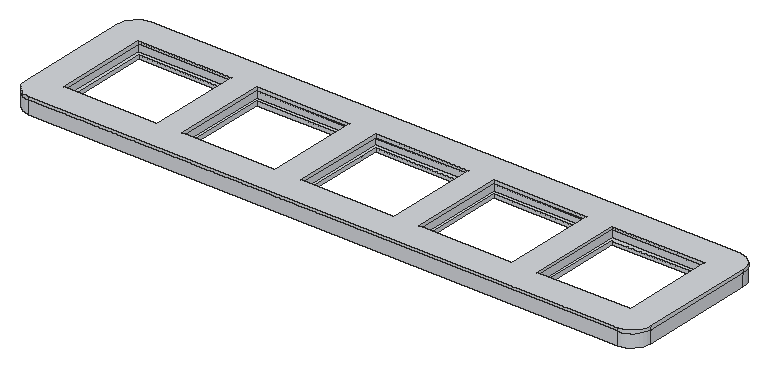
Revit family "Gira_0215416", category Electrical Fixtures, host Face, Revit 2017
Family settings
  Host = Face
  Maintain Annotation Orientation = No
  Round Connector Dimension = Use Diameter
  Part Type = Normal
  Cut with Voids When Loaded = No
  Shared = No
  Room Calculation Point = No
Parameters (values of type "Abdeckrahmen 5f Gira E3 Umbra/Reinweiß")
  Werkstoffgüte = "sonstige"
  Werkstoff = "sonstige"
  URL = "http://katalog.gira.de/de_DE/datenblatt.html?artikelnr=0215416"
  Transparent = "No"
  Textfeld/Beschriftungsfläche = "No"
  Schutzart (IP) = "IP20"
  Region = "DE"
  Oberfläche = "sonstige"
  Name = "Abdeckrahmen 5f Gira E3 Umbra/Reinweiß"
  Montagerichtung = "horizontal und vertikal"
  Mit Montagerahmen = "No"
  Mit Klappdeckel = "No"
  Manufacturer URL = "https://www.gira.de/"
  Keynote = "E3_Rahmen_5fach"
  HeinzeBIM = "https://bimportal.heinze.de/bim/abdeckrahmen-5f-gira-e3-umbra-reinweiss/dcf4579758d28dada76b88ad14ad69542ad946f1"
  Halogenfrei = "No"
  HAN = "0215416"
  Geeignet für Unterputz-Installation = "Yes"
  Geeignet für Unterflurkanaldose = "No"
  Geeignet für Geräteeinbaukanal = "No"
  Geeignet für Einbauinstallation = "No"
  GTIN = "4010337024439"
  Farbe = "sonstige"
  Default Elevation = 1219.2 mm
  Data sheet (1) = "https://katalog.gira.de/de_DE/download.html?artikelnr=0215416"
  Category = "Abdeckrahmen"
  Befestigungsart = "Klemmbefestigung"
  Available = "Yes"
  Anzahl der Einheiten vertikal = "5 "
  Anzahl der Einheiten horizontal = "5 "
  Anzahl der Einheiten = "5 "
Reference planes
  plane 1 "Center (Front/Back)": y = 0
  plane 2: z = 0
  plane 3 "Center (Left/Right)": x = 0
Forms (mm)
  Extrusion 1, solid, detail levels fine
    sketch origin (0, 0, 0) x (1, 0, 0) y (0, 1, 0)
      loop
        arc (-177.4, 45.809) -> (-185.185, 42.585) -> (-188.409, 34.8) r 11.009
        line (-188.409, 34.8) -> (-188.409, -34.8)
        arc (-188.409, -34.8) -> (-185.185, -42.585) -> (-177.4, -45.809) r 11.009
        line (-177.4, -45.809) -> (177.4, -45.809)
        arc (177.4, -45.809) -> (185.185, -42.585) -> (188.409, -34.8) r 11.009
        line (188.409, -34.8) -> (188.409, 34.8)
        arc (188.409, 34.8) -> (185.185, 42.585) -> (177.4, 45.809) r 11.009
        line (177.4, 45.809) -> (-177.4, 45.809)
      loop
        line (-114.5, 28.187) -> (-170.756, 28.187) -> (-170.756, -28.187) -> (-114.5, -28.187) -> (-114.5, 28.187)
      loop
        line (-99.6, 28.187) -> (-99.6, -28.187) -> (-43.344, -28.187) -> (-43.344, 28.187) -> (-99.6, 28.187)
      loop
        line (114.5, 28.187) -> (114.5, -28.187) -> (170.756, -28.187) -> (170.756, 28.187) -> (114.5, 28.187)
      loop
        line (28.301, 28.187) -> (-27.955, 28.187) -> (-27.955, -28.187) -> (28.301, -28.187) -> (28.301, 28.187)
      loop
        line (43.143, 28.187) -> (43.143, -28.187) -> (99.399, -28.187) -> (99.399, 28.187) -> (43.143, 28.187)
    from 7.65 to 9.5
  Extrusion 2, solid, detail levels fine
    sketch origin (-142.8, 0, 0) x (1, 0, 0) y (0, 1, 0)
      loop
        line (26.1, 25.7) -> (-25.7, 25.7) -> (-25.7, -25.7) -> (26.1, -25.7) -> (26.1, 25.7)
      loop
        line (-28.187, -28.156) -> (28.187, -28.156) -> (28.187, 28.156) -> (-28.187, 28.156) -> (-28.187, -28.156)
    from 1.65 to 3.9
  Extrusion 3, solid, detail levels fine
    sketch origin (0, 0, 0) x (1, 0, 0) y (0, 1, 0)
      loop
        arc (-177.4, 45.809) -> (-185.185, 42.585) -> (-188.409, 34.8) r 11.009
        line (-188.409, 34.8) -> (-188.409, -34.8)
        arc (-188.409, -34.8) -> (-185.185, -42.585) -> (-177.4, -45.809) r 11.009
        line (-177.4, -45.809) -> (177.4, -45.809)
        arc (177.4, -45.809) -> (185.185, -42.585) -> (188.409, -34.8) r 11.009
        line (188.409, -34.8) -> (188.409, 34.8)
        arc (188.409, 34.8) -> (185.185, 42.585) -> (177.4, 45.809) r 11.009
        line (177.4, 45.809) -> (-177.4, 45.809)
      loop
        line (-186.443, 34.785) -> (-186.443, -34.785)
        arc (-186.443, -34.785) -> (-183.79, -41.19) -> (-177.385, -43.843) r 9.058
        line (-177.385, -43.843) -> (177.385, -43.843)
        arc (177.385, -43.843) -> (183.79, -41.19) -> (186.443, -34.785) r 9.058
        line (186.443, -34.785) -> (186.443, 34.785)
        arc (186.443, 34.785) -> (183.79, 41.19) -> (177.385, 43.843) r 9.058
        line (177.385, 43.843) -> (-177.385, 43.843)
        arc (-177.385, 43.843) -> (-183.79, 41.19) -> (-186.443, 34.785) r 9.058
    from 0 to 7.65
  Extrusion 4, solid, detail levels fine
    sketch origin (-35.75, 0, 0) x (1, 0, 0) y (0, 1, 0)
      loop
        line (-134.256, -31.075) -> (205.755, -31.075)
        arc (205.755, -31.075) -> (208.399, -29.98) -> (209.494, -27.337) r 3.739
        line (209.494, -27.337) -> (209.494, 27.337)
        arc (209.494, 27.337) -> (208.399, 29.98) -> (205.755, 31.075) r 3.739
        line (205.755, 31.075) -> (-134.256, 31.075)
        arc (-134.256, 31.075) -> (-136.899, 29.98) -> (-137.994, 27.337) r 3.739
        line (-137.994, 27.337) -> (-137.994, -27.337)
        arc (-137.994, -27.337) -> (-136.899, -29.98) -> (-134.256, -31.075) r 3.739
      loop
        line (-136.844, 27.537) -> (-136.844, -27.537)
        arc (-136.844, -27.537) -> (-136.145, -29.226) -> (-134.456, -29.925) r 2.389
        line (-134.456, -29.925) -> (205.955, -29.925)
        arc (205.955, -29.925) -> (207.644, -29.226) -> (208.344, -27.537) r 2.389
        line (208.344, -27.537) -> (208.344, 27.537)
        arc (208.344, 27.537) -> (207.644, 29.226) -> (205.955, 29.925) r 2.389
        line (205.955, 29.925) -> (-134.456, 29.925)
        arc (-134.456, 29.925) -> (-136.145, 29.226) -> (-136.844, 27.537) r 2.389
    from 1.65 to 7.65
  Extrusion 5, solid, detail levels fine
    sketch origin (0, 0, 0) x (1, 0, 0) y (0, 1, 0)
      loop
        line (-174.653, -39.8) -> (174.653, -39.8)
        arc (174.653, -39.8) -> (180.267, -36.708) -> (182.5, -30.7) r 9.2
        line (182.5, -30.7) -> (182.5, 30.7)
        arc (182.5, 30.7) -> (179.805, 37.205) -> (173.3, 39.9) r 9.2
        line (173.3, 39.9) -> (-173.3, 39.9)
        arc (-173.3, 39.9) -> (-179.805, 37.205) -> (-182.5, 30.7) r 9.2
        line (-182.5, 30.7) -> (-182.5, -30.7)
        arc (-182.5, -30.7) -> (-180.267, -36.708) -> (-174.653, -39.8) r 9.2
      loop
        line (-173.3, -31.7) -> (173.3, -31.7)
        arc (173.3, -31.7) -> (174.007, -31.407) -> (174.3, -30.7) r 1
        line (174.3, -30.7) -> (174.3, 30.7)
        arc (174.3, 30.7) -> (174.007, 31.407) -> (173.3, 31.7) r 1
        line (173.3, 31.7) -> (-173.3, 31.7)
        arc (-173.3, 31.7) -> (-174.007, 31.407) -> (-174.3, 30.7) r 1
        line (-174.3, 30.7) -> (-174.3, -30.7)
        arc (-174.3, -30.7) -> (-174.007, -31.407) -> (-173.3, -31.7) r 1
    from 1.65 to 3.9
  Extrusion 6, solid, detail levels fine
    sketch origin (-142.8, 0, 0) x (1, 0, 0) y (0, 1, 0)
      loop
        line (-28.187, 28.156) -> (-28.187, -28.156) -> (28.187, -28.156) -> (28.187, 28.156) -> (-28.187, 28.156)
      loop
        line (-29.925, 29.925) -> (-29.925, -29.925) -> (29.925, -29.925) -> (29.925, 29.925) -> (-29.925, 29.925)
    from 1.65 to 7.65
  Extrusion 7, solid, detail levels coarse+medium
    sketch origin (0, 0, 0) x (1, 0, 0) y (0, 1, 0)
      loop
        line (-188.409, 45.809) -> (-188.409, -45.809) -> (188.409, -45.809) -> (188.409, 45.809) -> (-188.409, 45.809)
    from 0 to 9.5
  Extrusion 8, solid, detail levels fine
    sketch origin (-71.3, 0, 0) x (-1, 0, 0) y (0, -1, 0)
      loop
        line (25.9, -25.7) -> (25.9, 25.7) -> (-25.9, 25.7) -> (-25.9, -25.7) -> (25.9, -25.7)
      loop
        line (-28.187, 28.156) -> (-28.187, -28.156) -> (28.187, -28.156) -> (28.187, 28.156) -> (-28.187, 28.156)
    from 1.65 to 3.9
  Extrusion 9, solid, detail levels fine
    sketch origin (-71.3, 0, 0) x (-1, 0, 0) y (0, -1, 0)
      loop
        line (-28.187, -28.156) -> (28.187, -28.156) -> (28.187, 28.156) -> (-28.187, 28.156) -> (-28.187, -28.156)
      loop
        line (-29.925, -29.925) -> (29.925, -29.925) -> (29.925, 29.925) -> (-29.925, 29.925) -> (-29.925, -29.925)
    from 1.65 to 7.65
  Extrusion 10, solid, detail levels fine
    sketch origin (0.2, 0, 0) x (-1, 0, 0) y (0, -1, 0)
      loop
        line (26.1, -25.7) -> (26.1, 25.7) -> (-25.7, 25.7) -> (-25.7, -25.7) -> (26.1, -25.7)
      loop
        line (-28.187, 28.156) -> (-28.187, -28.156) -> (28.187, -28.156) -> (28.187, 28.156) -> (-28.187, 28.156)
    from 1.65 to 3.9
  Extrusion 11, solid, detail levels fine
    sketch origin (0.2, 0, 0) x (-1, 0, 0) y (0, -1, 0)
      loop
        line (-28.187, -28.156) -> (28.187, -28.156) -> (28.187, 28.156) -> (-28.187, 28.156) -> (-28.187, -28.156)
      loop
        line (-29.925, -29.925) -> (29.925, -29.925) -> (29.925, 29.925) -> (-29.925, 29.925) -> (-29.925, -29.925)
    from 1.65 to 7.65
  Extrusion 12, solid, detail levels fine
    sketch origin (71.5, 0, 0) x (-1, 0, 0) y (0, -1, 0)
      loop
        line (26.1, -25.7) -> (26.1, 25.7) -> (-25.7, 25.7) -> (-25.7, -25.7) -> (26.1, -25.7)
      loop
        line (-28.187, 28.156) -> (-28.187, -28.156) -> (28.187, -28.156) -> (28.187, 28.156) -> (-28.187, 28.156)
    from 1.65 to 3.9
  Extrusion 13, solid, detail levels fine
    sketch origin (71.5, 0, 0) x (-1, 0, 0) y (0, -1, 0)
      loop
        line (-28.187, -28.156) -> (28.187, -28.156) -> (28.187, 28.156) -> (-28.187, 28.156) -> (-28.187, -28.156)
      loop
        line (-29.925, -29.925) -> (29.925, -29.925) -> (29.925, 29.925) -> (-29.925, 29.925) -> (-29.925, -29.925)
    from 1.65 to 7.65
  Extrusion 14, solid, detail levels fine
    sketch origin (142.8, 0, 0) x (-1, 0, 0) y (0, -1, 0)
      loop
        line (26.1, -25.7) -> (26.1, 25.7) -> (-25.7, 25.7) -> (-25.7, -25.7) -> (26.1, -25.7)
      loop
        line (-28.187, 28.156) -> (-28.187, -28.156) -> (28.187, -28.156) -> (28.187, 28.156) -> (-28.187, 28.156)
    from 1.65 to 3.9
  Extrusion 15, solid, detail levels fine
    sketch origin (142.8, 0, 0) x (-1, 0, 0) y (0, -1, 0)
      loop
        line (-28.187, -28.156) -> (28.187, -28.156) -> (28.187, 28.156) -> (-28.187, 28.156) -> (-28.187, -28.156)
      loop
        line (-29.925, -29.925) -> (29.925, -29.925) -> (29.925, 29.925) -> (-29.925, 29.925) -> (-29.925, -29.925)
    from 1.65 to 7.65
Dimensions and locks
  aligned and locked: plane 2 to host face
  aligned and locked: level to host face
